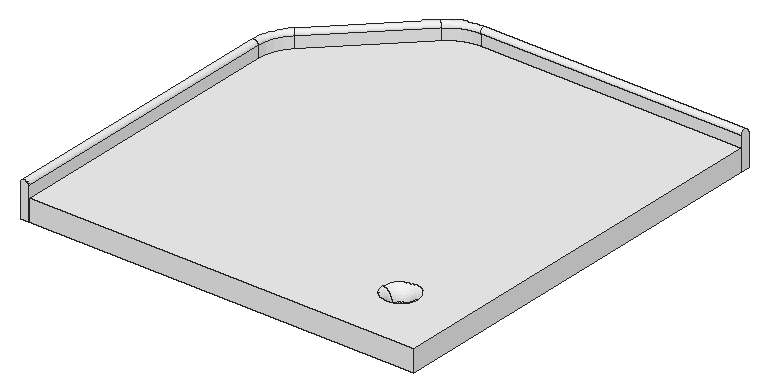
Revit family
Parameters (values of type "Floor Shower Tray")
  Material Shower = Porcelain
  Assembly Code = ""
Reference planes
  plane 1 "Center (Front/Back)": y = 0
  plane 2: z = 0
  plane 3 "Center (Left/Right)": x = 0
  plane 4: x = -150
  plane 5: y = 150
Forms (mm)
  Extrusion 1, solid, material "Porcelain" <- "Material Shower"
    sketch origin (0, 0, 0) x (1, 0, 0) y (0, 1, 0)
      loop
        line (-908.002, 676.01) -> (-908.002, 0) -> (0, 0) -> (0, 968) -> (-616.012, 968)
        arc (-616.012, 968) -> (-654.28, 960.388) -> (-686.722, 938.711) r 100
        line (-686.722, 938.711) -> (-878.712, 746.721)
        arc (-878.712, 746.721) -> (-900.39, 714.278) -> (-908.002, 676.01) r 100
    from 0 to 50
  Revolve 2, void
    sketch origin (-198.503, 150, 4000) x (-1, 0, 0) y (0, 0, 1)
      loop
        line (-28.503, -3995) -> (-28.503, -3980)
        arc (-28.503, -3980) -> (-22.578, -3961.551) -> (-7.02, -3950) r 31.688
        line (-7.02, -3950) -> (-48.503, -3950) -> (-48.503, -3995) -> (-28.503, -3995)
      axis (-48.503, -3950) -> (-48.503, -3995)
    angle from 0 to 360
  Sweep 3, solid, material "Porcelain" <- "Material Shower"
    path in 3D
      loop
        line (0, 968, 50) -> (-616.012, 968, 50)
        arc (-616.012, 968, 50) -> (-654.28, 960.388, 50) -> (-686.722, 938.711, 50) r 100
        line (-686.722, 938.711, 50) -> (-878.712, 746.721, 50)
        arc (-878.712, 746.721, 50) -> (-900.39, 714.278, 50) -> (-908.002, 676.01, 50) r 100
        line (-908.002, 676.01, 50) -> (-908.002, 0, 50)
    profile origin (-908.002, 338.005, 50) x (1, 0, 0) y (0, 0, 1)
      loop
        line (0, -50) -> (0, 25)
        arc (0, 25) -> (-10, 35) -> (-20, 25) r 10
        line (-20, 25) -> (-20, -50) -> (0, -50)
Cuts and joins
  Revolve 2 cuts Extrusion 1
Lines and regions (mm)
  sketch lines
    curve 1: line (-908.002, 676.01, 50) -> (-908.002, 0, 50)
    curve 2: arc (-908.002, 676.01, 50) -> (-900.39, 714.278, 50) -> (-878.712, 746.721, 50) r 100
    curve 3: line (-686.722, 938.711, 50) -> (-878.712, 746.721, 50)
    curve 4: arc (-686.722, 938.711, 50) -> (-654.28, 960.388, 50) -> (-616.012, 968, 50) r 100
    curve 5: line (0, 968, 50) -> (-616.012, 968, 50)
